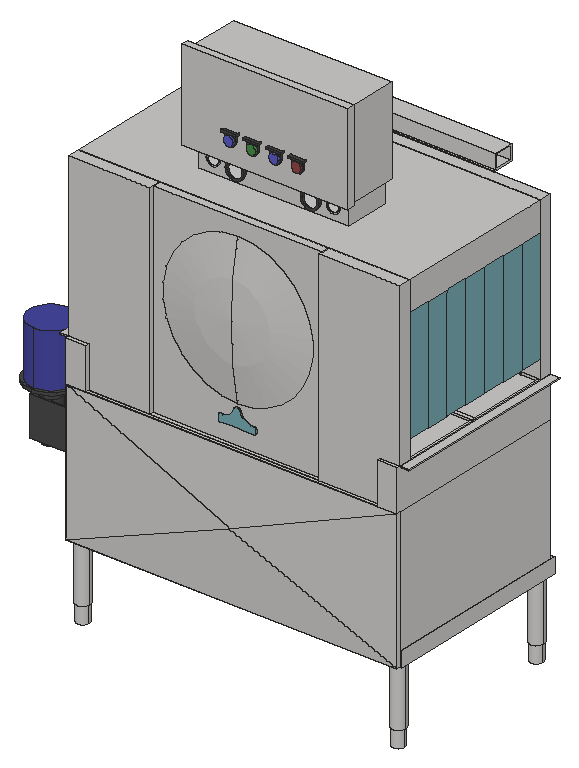
Revit family (continued)
Dimensions and locks (in)
  aligned and locked: Extrusion 59 sketch curve to plane 54
  aligned and locked: Extrusion 59 to plane 25
  aligned and locked: Extrusion 58 sketch curve to plane 9 "Left of Ledge"
  aligned and locked: Extrusion 58 sketch curve to plane 10 "Right of Ledge"
  aligned and locked: Extrusion 60 sketch curve to plane 53
  aligned and locked: Extrusion 60 sketch curve to plane 10 "Right of Ledge"
  aligned and locked: plane 21 to Extrusion 60 sketch curve
  aligned and locked: Extrusion 60 sketch curve to plane 12 "Right End Cowl"
  aligned and locked: plane 4 "TOP" to Extrusion 60
  aligned and locked: plane 11 "Left End Cowl" to Extrusion 61 sketch curve
  aligned and locked: plane 21 to Extrusion 61 sketch curve
  aligned and locked: Extrusion 61 sketch curve to plane 9 "Left of Ledge"
  aligned and locked: Extrusion 61 sketch curve to plane 53
  aligned and locked: plane 4 "TOP" to Extrusion 61
  aligned and locked: curve 37 to plane 12 "Right End Cowl"
  aligned and locked: curve 36 to plane 53
  aligned and locked: plane 11 "Left End Cowl" to curve 33
  aligned and locked: Extrusion 65 sketch curve to Extrusion 63
  aligned and locked: Blend 66 sketch curve to Extrusion 65  (x2)
  aligned and locked: Extrusion 75 sketch curve to Extrusion 73  (x2)
  aligned and locked: Extrusion 79 sketch curve to plane 57
  aligned and locked: plane 58 to Extrusion 80 sketch curve
  aligned and locked: plane 27 to curve 50
  aligned and locked: plane 28 to curve 52
  aligned and locked: plane 55 to Extrusion 79 sketch curve
  aligned and locked: Extrusion 80 sketch curve to plane 56
  aligned and locked: cut or joined group of Extrusion 45, Extrusion 52 to plane 5 "RIGHT"
Automatic sketch dimensions
  plane 36 to Extrusion 8 sketch curve = 0' - 0 1/4"
  Extrusion 8 sketch curve to plane 36 = 0' - 0 1/4"
  Extrusion 25 sketch curve to plane 39 "Front of Upper Panel" = 0' - 0 3/8"
  Extrusion 25 sketch curve to Extrusion 25 sketch curve = 0' - 0 1/8"  (x10)
  plane 35 "Front of Lower Panel" to Extrusion 25 sketch curve = 0' - 1 1/4"
  Extrusion 25 sketch curve to plane 36 = 0' - 1 5/8"
  Extrusion 25 sketch curve to plane 5 "RIGHT" = 0' - 0 1/8"  (x3)
  plane 38 "Back of Panel" to Extrusion 25 sketch curve = 0' - 1"
  Extrusion 25 sketch curve to Extrusion 25 sketch curve = 0' - 3"  (x2)
  plane 39 "Front of Upper Panel" to Extrusion 26 sketch curve = 0' - 0 3/8"
  Extrusion 26 sketch curve to Extrusion 26 sketch curve = 0' - 0 1/8"  (x6)
  Extrusion 26 sketch curve to plane 35 "Front of Lower Panel" = 0' - 1 1/4"
  plane 36 to Extrusion 26 sketch curve = 0' - 1 5/8"
  Extrusion 26 sketch curve to plane 2 "LEFT" = 0' - 0 1/8"  (x7)
  Extrusion 26 sketch curve to plane 38 "Back of Panel" = 0' - 1"
  Extrusion 26 sketch curve to Extrusion 26 sketch curve = 0' - 3"  (x2)
  Extrusion 30 sketch curve to Extrusion 30 sketch curve = 0' - 0"  (x2)
  Extrusion 31 sketch curve to Extrusion 31 sketch curve = 0' - 0"  (x2)
  Extrusion 34 sketch curve to Extrusion 34 sketch curve = 0' - 0"  (x2)
  Extrusion 35 sketch curve to Extrusion 35 sketch curve = 0' - 0"  (x2)
  plane 47 to Extrusion 49 sketch curve = 0' - 0 1/8"
  Extrusion 49 sketch curve to plane 46 = 0' - 0 1/8"
  Extrusion 49 sketch curve to plane 13 = 0' - 0 1/8"
  plane 44 to Extrusion 49 sketch curve = 0' - 0 1/8"
  Extrusion 50 sketch curve to plane 47 = 0' - 0 1/8"
  plane 46 to Extrusion 50 sketch curve = 0' - 0 1/8"
  Extrusion 50 sketch curve to plane 14 = 0' - 0 1/8"
  plane 45 to Extrusion 50 sketch curve = 0' - 0 1/8"
  Extrusion 53 sketch curve to Extrusion 53 sketch curve = 0' - 0"  (x2)
  Extrusion 54 sketch curve to plane 52 = 0' - 0"
  Extrusion 54 sketch curve to plane 17 "Top of Machine" = 0' - 0"
  Extrusion 54 sketch curve to plane 51 = 0' - 0"
  Extrusion 54 sketch curve to plane 51 = 0' - 0 1/8"
  Extrusion 54 sketch curve to plane 21 = 0' - 0 1/8"
  Extrusion 54 sketch curve to Extrusion 54 sketch curve = 0' - 0 1/8"
  plane 17 "Top of Machine" to Extrusion 54 sketch curve = 0' - 0 1/8"
  Extrusion 54 sketch curve to plane 52 = 0' - 0 1/8"
  Extrusion 55 sketch curve to plane 3 "BACK" = 0' - 0"
  Extrusion 55 sketch curve to plane 17 "Top of Machine" = 0' - 0"
  Extrusion 55 sketch curve to plane 3 "BACK" = 0' - 0 1/4"
  Extrusion 55 sketch curve to Extrusion 55 sketch curve = 0' - 0 1/8"
  Extrusion 57 sketch curve to Extrusion 57 sketch curve = 0' - 0"  (x2)
  Extrusion 64 sketch curve to plane 39 "Front of Upper Panel" = 0' - 0 3/16"
  plane 44 to Extrusion 64 sketch curve = 0' - 0 11/16"
  Blend 66 sketch curve to plane 39 "Front of Upper Panel" = 0' - 0 3/16"
  plane 44 to Blend 66 sketch curve = 0' - 0 11/16"
  Extrusion 67 sketch curve to plane 39 "Front of Upper Panel" = 0' - 0 3/16"
  plane 44 to Extrusion 67 sketch curve = 0' - 0 11/16"
  Extrusion 68 sketch curve to plane 39 "Front of Upper Panel" = 0' - 0 3/16"
  plane 44 to Extrusion 68 sketch curve = 0' - 0 11/16"
  Blend 76 sketch curve to plane 9 "Left of Ledge" = 0' - 0 5/16"
  Blend 76 sketch curve to plane 36 = 0' - 2 1/4"
  plane 38 "Back of Panel" to Blend 76 sketch curve = 0' - 1 3/4"
  plane 44 to Blend 76 sketch curve = 0' - 0 1/4"
  plane 13 to Blend 76 sketch curve = 0' - 0 1/4"
  Blend 76 sketch curve to plane 36 = 0' - 1 1/4"
  plane 38 "Back of Panel" to Blend 76 sketch curve = 0' - 0 3/4"
  plane 44 to Blend 76 sketch curve = 0' - 1 1/4"
  Blend 77 sketch curve to plane 44 = 0' - 0 1/2"
  plane 35 "Front of Lower Panel" to Blend 77 sketch curve = 0' - 3"
  plane 38 "Back of Panel" to Blend 77 sketch curve = 0' - 2 1/2"
  plane 9 "Left of Ledge" to Blend 77 sketch curve = 0' - 0 7/16"
  Blend 77 sketch curve to plane 9 "Left of Ledge" = 0' - 0 9/16"
  Blend 77 sketch curve to plane 36 = 0' - 2"
  plane 38 "Back of Panel" to Blend 77 sketch curve = 0' - 1 1/2"
  plane 44 to Blend 77 sketch curve = 0' - 0 1/2"
  plane 20 to Extrusion 81 sketch curve = 0' - 0.22018"
  plane 20 to Extrusion 82 sketch curve = 0' - 0.22018"
  plane 20 to Extrusion 83 sketch curve = 0' - 0.22018"
  plane 20 to Extrusion 84 sketch curve = 0' - 0.22018"
  curve 35 to plane 9 "Left of Ledge" = 0' - 0"
  curve 45 to plane 6 "FRONT" = 0' - 0"
  curve 46 to plane 59 = 0' - 0"
  curve 44 to plane 6 "FRONT" = 0' - 0"
  curve 43 to plane 6 "FRONT" = 0' - 0"
  curve 43 to plane 57 = 0' - 0"
  plane 25 to curve 42 = 0' - 0"
  curve 42 to plane 58 = 0' - 0"
  curve 48 to plane 6 "FRONT" = 0' - 0"
  curve 49 to plane 60 = 0' - 0"
  curve 47 to plane 6 "FRONT" = 0' - 0"
  curve 36 to plane 10 "Right of Ledge" = 0' - 0"
  curve 50 to plane 6 "FRONT" = 0' - 0"
  curve 53 to plane 6 "FRONT" = 0' - 0"
  curve 37 to plane 21 = 0' - 0"
  curve 33 to plane 21 = 0' - 0"
  curve 46 to curve 46 = 0' - 0 3/8"
  plane 60 to curve 49 = 0' - 0 3/8"
  curve 46 to plane 20 = 0' - 0 5/8"
  curve 47 to plane 20 = 0' - 0 5/8"
  curve 52 to plane 6 "FRONT" = 0' - 0.02982"
  plane 47 to curve 41 = 0' - 0 7/16"
  plane 19 to Blend 12 sketch curve = 0' - 7 7/32"
  Blend 12 sketch curve to Blend 12 sketch curve = 0' - 0 1/16"
  Revolve 16 sketch curve to plane 20 = 0' - 0"
  Revolve 16 sketch curve to plane 20 = 0' - 10 3/4"
  plane 47 to Revolve 16 sketch curve = 0' - 0 7/16"
  plane 35 "Front of Lower Panel" to Revolve 16 sketch curve = 0' - 2 3/4"
  Revolve 16 sketch curve to plane 29 "Top of Opening" = 0' - 7.74993"
  plane 53 to Revolve 16 sketch curve = 1' - 5.49935"
  Revolve 16 sketch curve to plane 29 "Top of Opening" = 0' - 8"  (x2)
  Extrusion 38 sketch curve to Extrusion 38 sketch curve = 0' - 2"  (x2)
  Extrusion 38 sketch curve to Extrusion 38 sketch curve = 0' - 1"  (x2)
  Extrusion 38 sketch curve to plane 57 = 0' - 0 7/16"
  plane 58 to Extrusion 38 sketch curve = 0' - 0 7/16"
  Extrusion 38 sketch curve to plane 60 = 0' - 1 1/16"
  plane 48 "Top of Vents" to Extrusion 38 sketch curve = 0' - 3"
  Extrusion 38 sketch curve to Extrusion 38 sketch curve = 0' - 0 1/4"  (x5)
  Extrusion 38 sketch curve to Extrusion 38 sketch curve = 0' - 0"
  Extrusion 43 sketch curve to Extrusion 43 sketch curve = 0' - 0 3/4"  (x2)
  Extrusion 43 sketch curve to plane 59 = 0' - 0 13/16"
  Extrusion 43 sketch curve to plane 59 = 0' - 0 1/16"
  plane 58 to Extrusion 43 sketch curve = 0' - 0 11/16"
  Extrusion 43 sketch curve to plane 60 = 0' - 0 1/16"
  Extrusion 43 sketch curve to Extrusion 43 sketch curve = 0' - 1 1/2"
  plane 48 "Top of Vents" to Extrusion 43 sketch curve = 0' - 1 7/8"  (x2)
  Extrusion 43 sketch curve to Extrusion 43 sketch curve = 0' - 0"
  Extrusion 43 sketch curve to Extrusion 43 sketch curve = 0' - 0 7/8"  (x4)
  Extrusion 44 sketch curve to plane 26 "Door Center" = 0' - 0"
  plane 26 "Door Center" to Extrusion 44 sketch curve = 0' - 0.00035"
  plane 58 to Extrusion 44 sketch curve = 0' - 0.35719"
  plane 58 to Extrusion 44 sketch curve = 0' - 0.54876"
  Extrusion 44 sketch curve to plane 60 = 0' - 0.50556"
  Extrusion 44 sketch curve to plane 60 = 0' - 0.8056"
  Extrusion 44 sketch curve to Extrusion 44 sketch curve = 0' - 0.00341"
  Extrusion 44 sketch curve to Extrusion 44 sketch curve = 0' - 0.25142"  (x2)
  Extrusion 44 sketch curve to plane 26 "Door Center" = 0' - 0.42461"
  Extrusion 44 sketch curve to Extrusion 44 sketch curve = 0' - 0"
  Extrusion 44 sketch curve to plane 57 = 0' - 0.54876"
  Extrusion 44 sketch curve to plane 59 = 0' - 0.50556"
  Extrusion 44 sketch curve to Extrusion 44 sketch curve = 0' - 0.25483"
  Extrusion 44 sketch curve to plane 16 "Table Height" = 0' - 2.43574"  (x2)
  Extrusion 44 sketch curve to Extrusion 44 sketch curve = 0' - 0.48493"  (x2)
  Extrusion 44 sketch curve to Extrusion 44 sketch curve = 0' - 0.08323"
  plane 19 to Extrusion 44 sketch curve = 0' - 6.6719"
  Extrusion 45 sketch curve to plane 46 = 0' - 0 1/16"
  plane 47 to Extrusion 45 sketch curve = 0' - 0 1/16"
  Extrusion 45 sketch curve to plane 17 "Top of Machine" = 0' - 0 1/8"
  Extrusion 45 sketch curve to plane 29 "Top of Opening" = 0' - 0.88572"
  Extrusion 45 sketch curve to Extrusion 45 sketch curve = 0' - 0.05178"  (x2)
  Extrusion 45 sketch curve to Extrusion 45 sketch curve = 0' - 1 1/2"  (x2)
  Extrusion 45 sketch curve to Extrusion 45 sketch curve = 0' - 0.17678"  (x2)
  plane 16 "Table Height" to Extrusion 45 sketch curve = 0' - 5.17678"
  plane 47 to Extrusion 46 sketch curve = 0' - 0 1/16"
  Extrusion 46 sketch curve to plane 46 = 0' - 0 1/16"
  Extrusion 46 sketch curve to plane 17 "Top of Machine" = 0' - 0 1/8"
  Extrusion 46 sketch curve to plane 29 "Top of Opening" = 0' - 0.88572"
  Extrusion 46 sketch curve to Extrusion 46 sketch curve = 0' - 0.05178"  (x2)
  Extrusion 46 sketch curve to Extrusion 46 sketch curve = 0' - 1 1/2"  (x2)
  Extrusion 46 sketch curve to Extrusion 46 sketch curve = 0' - 0.17678"  (x2)
  plane 16 "Table Height" to Extrusion 46 sketch curve = 0' - 5.17678"
  Extrusion 47 sketch curve to plane 29 "Top of Opening" = 0' - 0 15/16"
  Extrusion 47 sketch curve to Extrusion 47 sketch curve = 0' - 1 5/8"  (x2)
  plane 16 "Table Height" to Extrusion 47 sketch curve = 0' - 5 1/8"
  Extrusion 48 sketch curve to plane 6 "FRONT" = 0' - 0"
  Extrusion 48 sketch curve to plane 25 = 0' - 0"
  Extrusion 48 sketch curve to plane 24 = 0' - 0"
  Extrusion 48 sketch curve to plane 3 "BACK" = 0' - 0"
  Extrusion 48 sketch curve to plane 29 "Top of Opening" = 0' - 0"
  Extrusion 48 sketch curve to plane 17 "Top of Machine" = 0' - 0"
  Extrusion 48 sketch curve to plane 29 "Top of Opening" = 0' - 0 15/16"
  Extrusion 48 sketch curve to Extrusion 48 sketch curve = 0' - 1 5/8"  (x2)
  plane 16 "Table Height" to Extrusion 48 sketch curve = 0' - 5 1/8"
  plane 22 to Extrusion 62 sketch curve = 0' - 0"
  Extrusion 62 sketch curve to plane 2 "LEFT" = 0' - 0"
  Extrusion 62 sketch curve to plane 19 = 0' - 0"
  Extrusion 62 sketch curve to plane 9 "Left of Ledge" = 0' - 0 1/8"
  Extrusion 62 sketch curve to plane 18 "Panel Top" = 0' - 4 9/16"
  plane 15 "Bottom of Machine" to Extrusion 62 sketch curve = 0' - 0 15/16"
  Extrusion 63 sketch curve to plane 25 = 0' - 1 5/8"
  plane 44 to Extrusion 63 sketch curve = 0' - 0 11/16"
  Extrusion 63 sketch curve to plane 39 "Front of Upper Panel" = 0' - 1 1/2"
  Extrusion 63 sketch curve to plane 39 "Front of Upper Panel" = 0' - 0 3/16"
  Extrusion 63 sketch curve to plane 35 "Front of Lower Panel" = 0' - 0 1/8"
  Extrusion 63 sketch curve to Extrusion 63 sketch curve = 0' - 0"
  Extrusion 63 sketch curve to plane 9 "Left of Ledge" = 0' - 0 3/8"
  Extrusion 63 sketch curve to plane 9 "Left of Ledge" = 0' - 0 1/8"
  Extrusion 63 sketch curve to plane 44 = 0' - 0 15/16"
  Extrusion 69 sketch curve to plane 2 "LEFT" = 0' - 0"
  Extrusion 69 sketch curve to plane 13 = 0' - 1 3/16"
  plane 44 to Extrusion 69 sketch curve = 0' - 1 7/16"
  Extrusion 69 sketch curve to plane 16 "Table Height" = 0' - 0 13/16"
  Extrusion 69 sketch curve to Extrusion 69 sketch curve = 0' - 0 3/4"
  Extrusion 69 sketch curve to Extrusion 69 sketch curve = 0' - 1 1/2"
  Extrusion 70 sketch curve to plane 19 = 0' - 0"
  plane 22 to Extrusion 70 sketch curve = 0' - 0"
  Extrusion 70 sketch curve to plane 2 "LEFT" = 0' - 0"
  plane 13 to Extrusion 70 sketch curve = 0' - 0 5/16"
  plane 19 to Extrusion 70 sketch curve = 0' - 0 7/16"
  Extrusion 70 sketch curve to plane 15 "Bottom of Machine" = 0' - 1 9/16"
  Extrusion 71 sketch curve to Extrusion 71 sketch curve = 0' - 0"  (x2)
  plane 15 "Bottom of Machine" to Extrusion 71 sketch curve = 0' - 0 7/16"
  Extrusion 71 sketch curve to plane 13 = 0' - 1 3/16"
  Extrusion 71 sketch curve to plane 13 = 0' - 0 9/16"  (x2)
  Extrusion 71 sketch curve to plane 15 "Bottom of Machine" = 0' - 0 5/16"
  Extrusion 71 sketch curve to plane 13 = 0' - 0 3/16"  (x2)
  plane 13 to Extrusion 71 sketch curve = 0' - 0 1/16"  (x2)
  Extrusion 71 sketch curve to Extrusion 71 sketch curve = 0' - 0 1/4"
  Extrusion 71 sketch curve to plane 19 = 0' - 0 1/8"
  Extrusion 71 sketch curve to Extrusion 71 sketch curve = 0' - 0 5/16"
  Extrusion 72 sketch curve to Extrusion 72 sketch curve = 0' - 0"  (x2)
  plane 15 "Bottom of Machine" to Extrusion 72 sketch curve = 0' - 0 7/16"
  Extrusion 72 sketch curve to plane 13 = 0' - 1 3/16"
  Extrusion 72 sketch curve to plane 13 = 0' - 0 9/16"  (x2)
  Extrusion 72 sketch curve to plane 15 "Bottom of Machine" = 0' - 0 5/16"
  Extrusion 72 sketch curve to plane 13 = 0' - 0 3/16"  (x2)
  plane 13 to Extrusion 72 sketch curve = 0' - 0 1/16"  (x2)
  Extrusion 72 sketch curve to Extrusion 72 sketch curve = 0' - 0 1/4"
  Extrusion 72 sketch curve to plane 19 = 0' - 0 1/8"
  Extrusion 72 sketch curve to Extrusion 72 sketch curve = 0' - 0 5/16"
  Extrusion 73 sketch curve to Extrusion 73 sketch curve = 0' - 0"  (x6)
  plane 18 "Panel Top" to Extrusion 73 sketch curve = 0' - 0 3/16"
  plane 44 to Extrusion 73 sketch curve = 0' - 1 1/4"
  Extrusion 73 sketch curve to plane 13 = 0' - 1.92562"
  Extrusion 73 sketch curve to Extrusion 73 sketch curve = 0' - 0.36312"  (x2)
  Extrusion 73 sketch curve to Extrusion 73 sketch curve = 0' - 0 3/8"
  plane 13 to Extrusion 73 sketch curve = 0' - 0 1/4"
  Extrusion 73 sketch curve to plane 16 "Table Height" = 0' - 1 9/16"
  Extrusion 73 sketch curve to Extrusion 73 sketch curve = 0' - 0.13295"
  Extrusion 74 sketch curve to Extrusion 74 sketch curve = 0' - 0"  (x6)
  plane 18 "Panel Top" to Extrusion 74 sketch curve = 0' - 0 3/16"
  plane 44 to Extrusion 74 sketch curve = 0' - 1 1/4"
  Extrusion 74 sketch curve to plane 13 = 0' - 1.92562"
  Extrusion 74 sketch curve to Extrusion 74 sketch curve = 0' - 0.36312"  (x2)
  Extrusion 74 sketch curve to Extrusion 74 sketch curve = 0' - 0 3/8"
  plane 13 to Extrusion 74 sketch curve = 0' - 0 1/4"
  Extrusion 74 sketch curve to plane 16 "Table Height" = 0' - 1 9/16"
  Extrusion 74 sketch curve to Extrusion 74 sketch curve = 0' - 0.13295"
  Extrusion 78 sketch curve to Extrusion 78 sketch curve = 0' - 0"  (x2)
  plane 15 "Bottom of Machine" to Extrusion 78 sketch curve = 0' - 0 7/16"
  Extrusion 78 sketch curve to plane 13 = 0' - 1 11/16"
  Extrusion 78 sketch curve to Extrusion 78 sketch curve = 0' - 0 1/2"
  Extrusion 79 sketch curve to plane 6 "FRONT" = 0' - 0.02982"
  plane 25 to Extrusion 79 sketch curve = 0' - 0.02982"
  Extrusion 80 sketch curve to plane 6 "FRONT" = 0' - 0.02982"
  plane 25 to Extrusion 80 sketch curve = 0' - 0.02982"
  Sweep 85 sketch curve to plane 6 "FRONT" = 0' - 0"  (x2)
  Sweep 85 sketch curve to plane 20 = 0' - 0 1/8"  (x2)
  Sweep 85 sketch curve to Sweep 85 sketch curve = 0' - 0 1/2"
  plane 16 "Table Height" to Sweep 85 sketch curve = 0' - 3 13/16"
  Sweep 85 sketch curve to plane 29 "Top of Opening" = 0' - 4 15/16"
  Sweep 85 sketch curve to plane 59 = 0' - 0"
  Sweep 85 sketch curve to profile plane = 0' - 0"
  Sweep 86 sketch curve to plane 6 "FRONT" = 0' - 0"  (x2)
  plane 20 to Sweep 86 sketch curve = 0' - 0 1/8"  (x2)
  Sweep 86 sketch curve to Sweep 86 sketch curve = 0' - 0 1/2"
  Sweep 86 sketch curve to plane 16 "Table Height" = 0' - 3 13/16"
  plane 29 "Top of Opening" to Sweep 86 sketch curve = 0' - 4 15/16"
  plane 60 to Sweep 86 sketch curve = 0' - 0"
  Sweep 86 sketch curve to profile plane = 0' - 0"
  curve 15 to plane 6 "FRONT" = 0' - 0"
  plane 3 "BACK" to curve 9 = 0' - 0"
  plane 3 "BACK" to curve 6 = 0' - 0"
  curve 14 to plane 9 "Left of Ledge" = 0' - 0"
  curve 3 to plane 9 "Left of Ledge" = 0' - 0 1/32"
  curve 56 to plane 31 = 0' - 0.1169"
  plane 38 "Back of Panel" to curve 56 = 0' - 2.41622"
  plane 38 "Back of Panel" to curve 55 = 0' - 4.91061"
  curve 56 to plane 49 = 0' - 0.1169"
  curve 55 to plane 31 = 0' - 0.1169"
  curve 55 to plane 24 = 0' - 2.97"
  plane 50 to curve 54 = 0' - 0.1169"
  radius of Extrusion 17 sketch curve = 0' - 0 13/16"
  radius of Extrusion 18 sketch curve = 0' - 0 15/16"
  radius of Extrusion 19 sketch curve = 0' - 0 13/16"
  radius of Extrusion 20 sketch curve = 0' - 0 15/16"
  radius of Extrusion 21 sketch curve = 0' - 0 13/16"
  radius of Extrusion 22 sketch curve = 0' - 0 15/16"
  radius of Extrusion 23 sketch curve = 0' - 0 13/16"
  radius of Extrusion 24 sketch curve = 0' - 0 15/16"
  radius of Extrusion 30 sketch curve = 0' - 1 1/4"
  radius of Extrusion 30 sketch curve = 0' - 1"
  radius of Extrusion 31 sketch curve = 0' - 0 3/4"
  radius of Extrusion 31 sketch curve = 0' - 0 7/8"
  radius of Extrusion 34 sketch curve = 0' - 1 1/4"
  radius of Extrusion 34 sketch curve = 0' - 1"
  radius of Extrusion 35 sketch curve = 0' - 0 3/4"
  radius of Extrusion 35 sketch curve = 0' - 0 7/8"
  radius of Extrusion 39 sketch curve = 0' - 0 5/8"
  radius of Extrusion 40 sketch curve = 0' - 0 5/8"
  radius of Extrusion 41 sketch curve = 0' - 0 5/8"
  radius of Extrusion 42 sketch curve = 0' - 0 5/8"
  radius of Extrusion 53 sketch curve = 0' - 0 3/8"
  radius of Extrusion 53 sketch curve = 0' - 0 1/2"
  radius of Extrusion 56 sketch curve = 0' - 0 1/4"
  radius of Extrusion 57 sketch curve = 0' - 1"
  radius of Extrusion 57 sketch curve = 0' - 1 1/8"
  radius of Extrusion 64 sketch curve = 0' - 1 1/16"
  radius of Blend 66 sketch curve = 0' - 2 1/16"
  radius of Extrusion 67 sketch curve = 0' - 3 1/4"
  radius of Extrusion 68 sketch curve = 0' - 2 7/8"
  radius of Extrusion 81 sketch curve = 0' - 0 1/4"
  radius of Extrusion 82 sketch curve = 0' - 0 1/4"
  radius of Extrusion 83 sketch curve = 0' - 0 1/4"
  radius of Extrusion 84 sketch curve = 0' - 0 1/4"
  radius of Extrusion 69 sketch curve = 0' - 0 3/8"
  radius of Extrusion 71 sketch curve = 0' - 0 1/2"
  radius of Extrusion 72 sketch curve = 0' - 0 1/2"
  radius of Sweep 85 sketch curve = 0' - 0 3/8"
  radius of Sweep 86 sketch curve = 0' - 0 3/8"
Nested families (in)
  nested 1: "QF_Stero_ER-44_R-L_E_EX" at (49.39022, -48.0625, 0), visible <- "Right Vent", Ventilation Remarks <- "Right Ventilation Remarks", Exhaust Volume <- "Right Exhaust Volume", Exhaust Vent Width <- "Right Exhaust Vent Width", Exhaust Vent Depth <- "Right Exhaust Vent Depth", Exhaust Static Press <- "Right Exhaust Static Press", Exhaust RI Height <- "Right Exhaust RI Height", Item Number <- "Right Exhaust Item Number", type "Nested"
    with Ventilation Remarks "", Item Number "-", Exhaust Volume 0 CFM, Exhaust Vent Width 0' - 3 7/8", Exhaust Vent Depth 2' - 0 7/8", Exhaust Static Press 0.00 in-wg, Exhaust RI Height 0' - 0"
Connectors (in)
  piping at (30.32772, -50, 6), driven by "Indirect Waste Flow"
    settings: on Extrusion 57, index 1, connector radius 1", flow factor 0, pipe flow 0 GPM, pressure drop 0.00 psi, fitting loss kfactor 0, connector angle 0.00°, fixture units 0, flow configuration 1, flow direction 2, fitting loss method 0, system type 16, connector reference index -1, connector utility 0, adjustable connector no, is connector primary yes, fitting loss table "", connector description "Indirect Waste"
  piping at (19.32772, -48.75, 60), driven by "Hot Water Flow"
    settings: on Extrusion 53, index 2, connector radius 3/8", flow factor 0, pipe flow 1.97 GPM, pressure drop 0.00 psi, fitting loss kfactor 0, connector angle 0.00°, fixture units 0, flow configuration 1, flow direction 1, fitting loss method 0, system type 19, connector reference index -1, connector utility 0, adjustable connector no, is connector primary no, fitting loss table "", connector description "Hot Water"
  electrical at (34.32772, -59.9375, 68.5), driven by "Number of Poles", driven by "Volts", driven by "Apparent Power"
    settings: on Extrusion 56, index 3, voltage 208 V, apparent load 10483.2 VA, apparent load phase1 0 VA, apparent load phase2 0 VA, apparent load phase3 0 VA, power factor 1, load classification "Other", number of poles 1, system type 30, power factor state 1, is connector primary yes, connector utility no, sub classification motor no, connector description "Electric"
  hvac at (-2.67228, -60.5, 59.5), driven by "Exhaust Volume", driven by "Exhaust Vent Depth", driven by "Exhaust Vent Width", driven by "Exhaust Vent Text"
    settings: on cut or joined group of Extrusion 49, Extrusion 51, index 4, duct flow 0 CFM, flow factor 0, pres drop 0.00 in-wg, loss coef 0, conn angle 0.00°, conn width 3 7/8", conn height 24 7/8", conn radius 12", duct sys type 3, conn prof type 1, flow config 1, flow direction 2, loss method 0, conn ref index -1, conn util no, is conn primary yes, conn desc "Vent, Unload End"
  hvac at (51.32772, -60.5, 59.5), driven by "Right Exhaust Volume", driven by "Right Exhaust Vent Depth", driven by "Right Exhaust Vent Width", driven by "Right Exhaust Vent Text"
    settings: on cut or joined group of Extrusion 50, Extrusion 52, index 5, duct flow 0 CFM, flow factor 0, pres drop 0.00 in-wg, loss coef 0, conn angle 0.00°, conn width 3 7/8", conn height 24 7/8", conn radius 12", duct sys type 3, conn prof type 1, flow config 1, flow direction 2, loss method 0, conn ref index -1, conn util no, is conn primary no, conn desc "Vent, Load End"
Definition of nested family "QF_Stero_ER-44_R-L_E_EX"
  Parameters (values of type "Nested")
    Watermarked By = "http://revitwatermark.com"
    Ventilation Remarks [instance] = ""
    Type Comments = "⍁⍉⌁⌀⏭⎽⌇⍠⌜⍉⎖⌥⌦⌯⍭⏊⍻⍿⍊⏵⍊⏗⏠⍴⎡⌈⎀⍠⌓⌤⏘⎐⍀⌐⏬⏁⎈⏍⏦⎒⏬⌝⍩⍇⌣〈⎫〉⎁⏊⍥⍖⍥⍝⍦⌖⍀⏌⏭⎝⎼⏷⏞⍻⏯⎽⏷⏞⍻⏯⎽⏷⎺⌻⎝⍎⌧⏷⏟⏿⌿⍜⍦⍤⌁⍬⏶⏎⍊⏚⏉⎞⌡⎀⎪⏈⌟⌿⍾⍼⌟⌿⌢⏮⏝⏝⏛⎽⎻⎷⎳⎻⎗⌾⍼⎴⏿⏰⏑⏮⍮⍺⏼⏅⎏⌽⌻⍽⎝⍮⎧⎯⏛⎼⎮⍾⏬⏇⏎⏳⏦⏠⎧⎳⍷⏿⌏"
    Item Number [instance] = "-"
    Exhaust Volume [instance] = 0 CFM
    Exhaust Vent Width [instance] = 1' - 4"
    Exhaust Vent Depth [instance] = 0' - 4"
    Exhaust Static Press [instance] = 0.00 in-wg
    Exhaust RI Height [instance] = 0' - 0"
    Description = ""
    Assembly Code = ""
  Reference planes (in)
    plane 1 "Center (Back)": y = 0
    plane 2: z = 0
    plane 3 "Center (Left)": x = 0
    plane 4: x = 16
    plane 5: y = -4
  Lines and regions (in)
    symbolic lines, style "QF_Multiple Utilities"
      curve 1: line (0, 0, 0) -> (16, 0, 0)
      curve 2: line (0, -4, 0) -> (0, 0, 0)
      curve 3: line (16, -4, 0) -> (0, -4, 0)
      curve 4: line (16, 0, 0) -> (16, -4, 0)
      curve 5: line (16, 0, 0) -> (0, -4, 0)
      curve 6: line (0, 0, 0) -> (16, -4, 0)
  Dimensions and locks (in)
    "Exhaust Vent Width": plane 3 "Center (Left)" to plane 4
    "Exhaust Vent Depth": plane 1 "Center (Back)" to plane 5
    aligned and locked: level to plane 2
    aligned and locked: plane 1 "Center (Back)" to curve 1
    aligned and locked: plane 3 "Center (Left)" to curve 2
    aligned and locked: curve 3 to plane 5
    aligned and locked: curve 4 to plane 4
